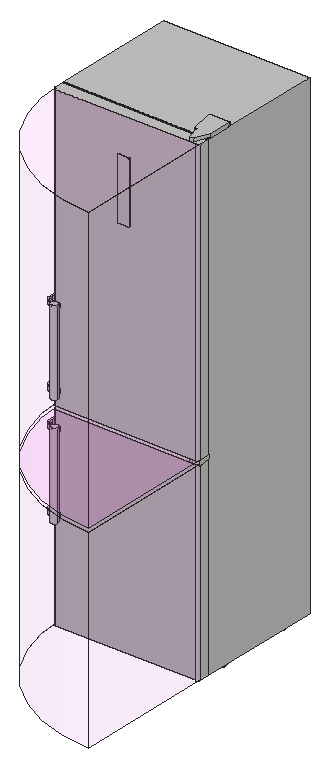
Revit family "QF_Summit_FFBF181ES2IM_Freezer_Refrigerator", category Specialty Equipment, Revit 2020
Family settings
  Round Connector Dimension = Use Diameter
  Part Type = Normal
  Work Plane-Based = No
  Always vertical = Yes
  Cut with Voids When Loaded = No
  Shared = No
  Room Calculation Point = No
Parameters
  Weight in Pounds = 185
  Watts = Volts * FL Amps  # 253 W
  Volts = 115 V
  URL Cutsheet = ""
  Specification by User = ""
  Specification by Manufacturer = ""
  Show RHD [instance] = not(Show LHD)  # no
  Show LHD [instance] = yes
  Show Clearance [instance] = yes
  Serial Number = ""
  Seismic Rating = ""
  SMACNA No = ""
  Revision Code = ""
  Refrigerant Volume = 0.00 kip
  Refrigerant Type = "R600a"
  Phase = 1
  Number of Poles = 1
  NAFEM Spec ID Number = ""
  Model = "FFBF181ES2IM"
  Min Ckt Ampacity = 0 A
  Max Overcurrent Protection = 0 A
  Masterspec = ""
  Manufacturer = "Summit"
  Length = 23 3/8"
  Item Number = ""
  Installed By = ""
  Identify Quantity as Lot = yes
  Height = 77 7/8"
  HP = ""
  Furnished By = ""
  Foodservice Equipment Identifier = yes
  FL Amps = 2.2 A
  Electrical Remarks = ""
  Electric Connection Type = ""
  Elec Conn RI Height = 0"
  Elec Conn Connection Height = 0"
  Description = "Freezer Refrigerator"
  Depth = 23 3/4"
  Default Elevation = 0"
  Cycle = 60 Hz
  Conn Plug = ""
  Conn Conduit = yes
  CSI MasterFormat = ""
  BTUH = 0.0 Btu/h
  Apparent Power = 0 VA
Reference planes (in)
  plane 1 "BACK": y = 0
  plane 2: z = 0
  plane 3 "LEFT": x = 0
  plane 4 "RIGHT": x = 23.375
  plane 5 "FRONT": y = -23.75
  plane 6 "TOP": z = 77.875
  plane 7 "Center Y": x = 11.6875
  plane 8 "Center X": y = -11.875
Dimensions and locks (in)
  equal spacing: plane 3 "LEFT", plane 7 "Center Y", plane 4 "RIGHT"
  "Length": plane 3 "LEFT" to plane 4 "RIGHT"
  equal spacing: plane 5 "FRONT", plane 8 "Center X", plane 1 "BACK"
  "Depth": plane 5 "FRONT" to plane 1 "BACK"
  "Height": plane 6 "TOP" to level
  aligned and locked: level to plane 2
Nested families (in)
  nested 1: "FFBF181ES2IM" at (0, -1.125, 0), Show Clearance <- "Show Clearance", Show RHD <- "Show RHD", Show LHD <- "Show LHD", type "FFBF181ES2IM"
    with Show RHD no, Show LHD yes, Show Clearance yes
Definition of nested family "FFBF181ES2IM"
  Parameters (values of type "FFBF181ES2IM")
    Weight in Pounds = 0
    URL Cutsheet = ""
    Specification by User = ""
    Specification by Manufacturer = ""
    Show RHD [instance] = yes
    Show LHD [instance] = yes
    Show Clearance [instance] = yes
    Serial Number = ""
    Seismic Rating = ""
    SMACNA No = ""
    Revision Code = ""
    NAFEM Spec ID Number = ""
    Masterspec = ""
    Length = 23 3/8"
    Item Number = ""
    Installed By = ""
    Identify Quantity as Lot = yes
    Height = 77 7/8"
    Furnished By = ""
    Foodservice Equipment Identifier = yes
    Depth = 20 1/8"
    Default Elevation = 0"
    CSI MasterFormat = ""
  Reference planes (in)
    plane 1 "BACK": y = 0
    plane 2: z = 0
    plane 3 "LEFT": x = 0
    plane 4 "RIGHT": x = 23.375
    plane 5 "FRONT": y = -20.125
    plane 6 "TOP": z = 77.875
    plane 7 "Center Y": x = 11.6875
    plane 8 "Center X": y = -10.0625
    plane 9: z = 78.375
    plane 10: y = 1.125
    plane 11: y = -22.625
    plane 12: y = -24.625
    plane 13: z = 0.72391
    plane 14: z = 32.36283
    plane 15: z = 31.73783
    plane 16: y = -44.25
  Forms (in)
    Extrusion 1, solid
      sketch origin (-4.12865, -180, 0.72391) x (-1, 0, 0) y (0, -1, 0)
        loop
          line (-4.12865, -180) -> (-4.12865, -159.875) -> (-27.50365, -159.875) -> (-27.50365, -180) -> (-4.12865, -180)
      from 0 to 77.15109
    Extrusion 2, solid
      sketch origin (-4.12865, -180, 77.875) x (-1, 0, 0) y (0, -1, 0)
        loop
          line (-4.12865, -159.625) -> (-4.12865, -158.19787)
          arc (-4.12865, -158.19787) -> (-4.26504, -157.85467) -> (-4.59981, -157.69871) r 0.5
          arc (-4.59981, -157.69871) -> (-15.81615, -157.375) -> (-27.03248, -157.69871) r 194.48356
          arc (-27.03248, -157.69871) -> (-27.36725, -157.85467) -> (-27.50365, -158.19787) r 0.5
          line (-27.50365, -158.19787) -> (-27.50365, -159.625) -> (-4.12865, -159.625)
      from 0 to -45.51217
    Extrusion 3, solid
      sketch origin (-10.42941, -180, 31.73783) x (-1, 0, 0) y (0, -1, 0)
        loop
          line (-10.42941, -159.625) -> (-10.42941, -158.19787)
          arc (-10.42941, -158.19787) -> (-10.5658, -157.85467) -> (-10.90057, -157.69871) r 0.5
          arc (-10.90057, -157.69871) -> (-22.11691, -157.375) -> (-33.33324, -157.69871) r 194.48356
          arc (-33.33324, -157.69871) -> (-33.66801, -157.85467) -> (-33.80441, -158.19787) r 0.5
          line (-33.80441, -158.19787) -> (-33.80441, -159.625) -> (-10.42941, -159.625)
      from 0 to -31.01392
    Extrusion 4, solid
      sketch origin (0, 0, 0) x (1, 0, 0) y (0, 1, 0)
        loop
          line (0.16203, -20.125) -> (0.16203, -20.375) -> (23.21297, -20.375) -> (23.21297, -20.125) -> (0.16203, -20.125)
      from 1.03875 to 31.47842
    Extrusion 5, solid
      sketch origin (-10.42941, -180, 32.36283) x (-1, 0, 0) y (0, -1, 0)
        loop
          line (-10.59144, -159.875) -> (-10.59144, -159.625) -> (-33.64238, -159.625) -> (-33.64238, -159.875) -> (-10.59144, -159.875)
      from 0.31289 to 45.09216
    Extrusion 6, solid, visible <- "Show LHD"
      sketch origin (-6.16249, -180, 30.27894) x (-1, 0, 0) y (0, -1, 0)
        loop
          line (-6.16249, -159.54187) -> (-5.91249, -159.54187) -> (-5.91249, -157.19756)
          arc (-5.91249, -157.19756) -> (-6.13216, -156.66723) -> (-6.66249, -156.44756) r 0.75
          line (-6.66249, -156.44756) -> (-8.04107, -156.44756) -> (-8.04107, -156.69756) -> (-6.83874, -156.69756)
          arc (-6.83874, -156.69756) -> (-6.36056, -156.89563) -> (-6.16249, -157.37382) r 0.67625
          line (-6.16249, -157.37382) -> (-6.16249, -159.54187)
      from 0 to -0.81452
    Extrusion 7, solid, visible <- "Show LHD"
      sketch origin (-6.16249, -180, 17.21644) x (-1, 0, 0) y (0, -1, 0)
        loop
          line (-6.16249, -159.54187) -> (-5.91249, -159.54187) -> (-5.91249, -157.19756)
          arc (-5.91249, -157.19756) -> (-6.13216, -156.66723) -> (-6.66249, -156.44756) r 0.75
          line (-6.66249, -156.44756) -> (-8.04107, -156.44756) -> (-8.04107, -156.69756) -> (-6.83874, -156.69756)
          arc (-6.83874, -156.69756) -> (-6.36056, -156.89563) -> (-6.16249, -157.37382) r 0.67625
          line (-6.16249, -157.37382) -> (-6.16249, -159.54187)
      from 0 to 0.69512
    Extrusion 8, solid, visible <- "Show LHD"
      sketch origin (-6.16249, -180, 34.94671) x (0, 1, 0) y (1, 0, 0)
        loop
          line (159.54187, 6.16249) -> (157.37382, 6.16249)
          arc (157.37382, 6.16249) -> (156.89563, 6.36056) -> (156.69756, 6.83874) r 0.67625
          line (156.69756, 6.83874) -> (156.69756, 8.04107) -> (156.44756, 8.04107) -> (156.44756, 6.66249)
          arc (156.44756, 6.66249) -> (156.66723, 6.13216) -> (157.19756, 5.91249) r 0.75
          line (157.19756, 5.91249) -> (159.54187, 5.91249) -> (159.54187, 6.16249)
      from 0 to -0.81452
    Extrusion 9, solid, visible <- "Show LHD"
      sketch origin (-6.16249, -180, 48.00921) x (0, 1, 0) y (1, 0, 0)
        loop
          line (159.54187, 6.16249) -> (157.37382, 6.16249)
          arc (157.37382, 6.16249) -> (156.89563, 6.36056) -> (156.69756, 6.83874) r 0.67625
          line (156.69756, 6.83874) -> (156.69756, 8.04107) -> (156.44756, 8.04107) -> (156.44756, 6.66249)
          arc (156.44756, 6.66249) -> (156.66723, 6.13216) -> (157.19756, 5.91249) r 0.75
          line (157.19756, 5.91249) -> (159.54187, 5.91249) -> (159.54187, 6.16249)
      from 0 to 0.69512
    Extrusion 10, solid, visible <- "Show LHD"
      sketch origin (0, 0, 0) x (1, 0, 0) y (0, 1, 0)
        loop
          circle (1.67323, -24.08872) r 0.53628
      from 48.24446 to 34.68257
    Extrusion 11, solid, visible <- "Show LHD"
      sketch origin (0, 0, 0) x (1, 0, 0) y (0, 1, 0)
        loop
          circle (1.67323, -24.08872) r 0.53628
      from 30.54934 to 16.88204
    Extrusion 12, solid
      sketch origin (0, 0, 0) x (1, 0, 0) y (0, 0, 1)
        loop
          arc (10.91713, 72.40711) -> (10.74035, 72.33389) -> (10.66713, 72.15711) r 0.25
          line (10.66713, 72.15711) -> (10.66713, 62.71961)
          arc (10.66713, 62.71961) -> (10.74035, 62.54284) -> (10.91713, 62.46961) r 0.25
          line (10.91713, 62.46961) -> (12.41713, 62.46961)
          arc (12.41713, 62.46961) -> (12.5939, 62.54284) -> (12.66713, 62.71961) r 0.25
          line (12.66713, 62.71961) -> (12.66713, 72.15711)
          arc (12.66713, 72.15711) -> (12.5939, 72.33389) -> (12.41713, 72.40711) r 0.25
          line (12.41713, 72.40711) -> (10.91713, 72.40711)
      from 22.54139 to 22.70061
    Extrusion 13, solid
      sketch origin (0, 0, 0) x (0, 1, 0) y (0, 0, 1)
        loop
          line (-20.125, 32.36283) -> (-22.11198, 32.36283) -> (-22.11198, 31.73783) -> (-20.125, 31.73783) -> (-20.125, 32.36283)
      from 21.80681 to 23.375
    Extrusion 14, solid
      sketch origin (-10.42941, -180, 31.73783) x (-1, 0, 0) y (0, -1, 0)
        loop
          line (-12.92941, -181.125) -> (-12.92941, -180) -> (-13.8691, -180.34202) -> (-30.3691, -180.34202) -> (-31.36691, -180) -> (-31.36691, -181.125) -> (-12.92941, -181.125)
      from 0 to -3
    Extrusion 15, solid, visible <- "Show LHD"
      sketch origin (-4.12865, -180, 77.875) x (-1, 0, 0) y (0, -1, 0)
        loop
          arc (-24.43797, -164.17633) -> (-24.2841, -164.1054) -> (-24.23811, -163.94233) r 0.20235
          line (-24.23811, -163.94233) -> (-24.82469, -160.23883) -> (-25.13719, -160.23883) -> (-25.81903, -158.14033)
          arc (-25.81903, -158.14033) -> (-26.13284, -157.90812) -> (-26.45457, -158.12924) r 0.33613
          line (-26.45457, -158.12924) -> (-27.2224, -160.23883) -> (-27.50365, -160.23883) -> (-27.50365, -163.84331)
          arc (-27.50365, -163.84331) -> (-27.40611, -164.07879) -> (-27.17063, -164.17633) r 0.33302
          line (-27.17063, -164.17633) -> (-24.43797, -164.17633)
      from 0 to 0.5
    Revolve 16, solid
      sketch origin (-240, -16.125, 7.79812) x (0, 0, 1) y (-1, 0, 0)
        loop
          line (-7.07421, -241.14046) -> (-7.79812, -241.14046) -> (-7.79812, -241.89046) -> (-7.29812, -241.89046) -> (-7.29812, -241.39046) -> (-7.07421, -241.39046) -> (-7.07421, -241.14046)
        axis (-7.79812, -241.14046) -> (-7.07421, -241.14046)
      angle from 0 to 360
    Revolve 17, solid
      sketch origin (-240, -16.125, 7.79812) x (0, 0, 1) y (-1, 0, 0)
        loop
          line (-7.07421, -261.98454) -> (-7.07421, -261.73454) -> (-7.29812, -261.73454) -> (-7.29812, -261.23454) -> (-7.79812, -261.23454) -> (-7.79812, -261.98454) -> (-7.07421, -261.98454)
        axis (-7.79812, -261.98454) -> (-7.07421, -261.98454)
      angle from 0 to 360
    Revolve 18, solid
      sketch origin (-240, -4, 7.79812) x (0, 0, 1) y (1, 0, 0)
        loop
          line (-7.07421, 241.14046) -> (-7.07421, 241.39046) -> (-7.29812, 241.39046) -> (-7.29812, 241.89046) -> (-7.79812, 241.89046) -> (-7.79812, 241.14046) -> (-7.07421, 241.14046)
        axis (-7.79812, 241.14046) -> (-7.07421, 241.14046)
      angle from 0 to 360
    Revolve 19, solid
      sketch origin (-240, -4, 7.79812) x (0, 0, 1) y (1, 0, 0)
        loop
          line (-7.07421, 261.98454) -> (-7.79812, 261.98454) -> (-7.79812, 261.23454) -> (-7.29812, 261.23454) -> (-7.29812, 261.73454) -> (-7.07421, 261.73454) -> (-7.07421, 261.98454)
        axis (-7.79812, 261.98454) -> (-7.07421, 261.98454)
      angle from 0 to 360
    Extrusion 20, solid, visible <- "Show LHD"
      sketch origin (-4.12865, -180, 77.875) x (-1, 0, 0) y (0, -1, 0)
        loop
          line (-27.50365, -159.625) -> (-4.134, -159.625)
          arc (-4.134, -159.625) -> (-10.79919, -142.77411) -> (-27.50365, -135.75) r 23.375
          line (-27.50365, -135.75) -> (-27.50365, -159.625)
      from 0 to -45.51217
    Extrusion 21, solid, visible <- "Show LHD"
      sketch origin (-10.42941, -180, 31.73783) x (-1, 0, 0) y (0, -1, 0)
        loop
          line (-33.80441, -159.625) -> (-10.43475, -159.625)
          arc (-10.43475, -159.625) -> (-17.09994, -142.77411) -> (-33.80441, -135.75) r 23.375
          line (-33.80441, -135.75) -> (-33.80441, -159.625)
      from 0 to -31.01392
    Extrusion 22, solid
      sketch origin (0, 0, 0) x (1, 0, 0) y (0, 0, 1)
        loop
          circle (17.27956, 2.03589) r 0.25
      from 0 to -0.03125
    Extrusion 23, solid, visible <- "Show RHD"
      sketch origin (23.375, 0, 0) x (-1, 0, 0) y (0, -1, 0)
        loop
          circle (1.67323, 24.08872) r 0.53628
      from 48.24446 to 34.68257
    Extrusion 24, solid, visible <- "Show RHD"
      sketch origin (23.375, 0, 0) x (-1, 0, 0) y (0, -1, 0)
        loop
          circle (1.67323, 24.08872) r 0.53628
      from 30.54934 to 16.88204
    Extrusion 25, solid, visible <- "Show RHD"
      sketch origin (27.50365, -180, 77.875) x (1, 0, 0) y (0, 1, 0)
        loop
          line (-27.50365, 159.625) -> (-27.50365, 135.75)
          arc (-27.50365, 135.75) -> (-10.79919, 142.77411) -> (-4.134, 159.625) r 23.375
          line (-4.134, 159.625) -> (-27.50365, 159.625)
      from 0 to -45.51217
    Extrusion 26, solid, visible <- "Show RHD"
      sketch origin (33.80441, -180, 31.73783) x (1, 0, 0) y (0, 1, 0)
        loop
          line (-33.80441, 159.625) -> (-33.80441, 135.75)
          arc (-33.80441, 135.75) -> (-17.09994, 142.77411) -> (-10.43475, 159.625) r 23.375
          line (-10.43475, 159.625) -> (-33.80441, 159.625)
      from 0 to -31.01392
    Extrusion 27, solid, visible <- "Show RHD"
      sketch origin (27.50365, -180, 77.875) x (1, 0, 0) y (0, 1, 0)
        loop
          line (-24.43797, 164.17633) -> (-27.17063, 164.17633)
          arc (-27.17063, 164.17633) -> (-27.40611, 164.07879) -> (-27.50365, 163.84331) r 0.33302
          line (-27.50365, 163.84331) -> (-27.50365, 160.23883) -> (-27.2224, 160.23883) -> (-26.45457, 158.12924)
          arc (-26.45457, 158.12924) -> (-26.13284, 157.90812) -> (-25.81903, 158.14033) r 0.33613
          line (-25.81903, 158.14033) -> (-25.13719, 160.23883) -> (-24.82469, 160.23883) -> (-24.23811, 163.94233)
          arc (-24.23811, 163.94233) -> (-24.2841, 164.1054) -> (-24.43797, 164.17633) r 0.20235
      from 0 to 0.5
    Extrusion 28, solid, visible <- "Show RHD"
      sketch origin (29.53749, -180, 30.27894) x (1, 0, 0) y (0, 1, 0)
        loop
          line (-6.16249, 159.54187) -> (-6.16249, 157.37382)
          arc (-6.16249, 157.37382) -> (-6.36056, 156.89563) -> (-6.83874, 156.69756) r 0.67625
          line (-6.83874, 156.69756) -> (-8.04107, 156.69756) -> (-8.04107, 156.44756) -> (-6.66249, 156.44756)
          arc (-6.66249, 156.44756) -> (-6.13216, 156.66723) -> (-5.91249, 157.19756) r 0.75
          line (-5.91249, 157.19756) -> (-5.91249, 159.54187) -> (-6.16249, 159.54187)
      from 0 to -0.81452
    Extrusion 29, solid, visible <- "Show RHD"
      sketch origin (29.53749, -180, 17.21644) x (1, 0, 0) y (0, 1, 0)
        loop
          line (-6.16249, 159.54187) -> (-6.16249, 157.37382)
          arc (-6.16249, 157.37382) -> (-6.36056, 156.89563) -> (-6.83874, 156.69756) r 0.67625
          line (-6.83874, 156.69756) -> (-8.04107, 156.69756) -> (-8.04107, 156.44756) -> (-6.66249, 156.44756)
          arc (-6.66249, 156.44756) -> (-6.13216, 156.66723) -> (-5.91249, 157.19756) r 0.75
          line (-5.91249, 157.19756) -> (-5.91249, 159.54187) -> (-6.16249, 159.54187)
      from 0 to 0.69512
    Extrusion 30, solid, visible <- "Show RHD"
      sketch origin (29.53749, -180, 34.94671) x (0, -1, 0) y (-1, 0, 0)
        loop
          line (-159.54187, 6.16249) -> (-159.54187, 5.91249) -> (-157.19756, 5.91249)
          arc (-157.19756, 5.91249) -> (-156.66723, 6.13216) -> (-156.44756, 6.66249) r 0.75
          line (-156.44756, 6.66249) -> (-156.44756, 8.04107) -> (-156.69756, 8.04107) -> (-156.69756, 6.83874)
          arc (-156.69756, 6.83874) -> (-156.89563, 6.36056) -> (-157.37382, 6.16249) r 0.67625
          line (-157.37382, 6.16249) -> (-159.54187, 6.16249)
      from 0 to -0.81452
    Extrusion 31, solid, visible <- "Show RHD"
      sketch origin (29.53749, -180, 48.00921) x (0, -1, 0) y (-1, 0, 0)
        loop
          line (-159.54187, 6.16249) -> (-159.54187, 5.91249) -> (-157.19756, 5.91249)
          arc (-157.19756, 5.91249) -> (-156.66723, 6.13216) -> (-156.44756, 6.66249) r 0.75
          line (-156.44756, 6.66249) -> (-156.44756, 8.04107) -> (-156.69756, 8.04107) -> (-156.69756, 6.83874)
          arc (-156.69756, 6.83874) -> (-156.89563, 6.36056) -> (-157.37382, 6.16249) r 0.67625
          line (-157.37382, 6.16249) -> (-159.54187, 6.16249)
      from 0 to 0.69512
  Cuts and joins
    joined: Extrusion 2, Extrusion 12
  Lines and regions (in)
    Split face 1
      outline origin (10.60463, -22.70061, 72.40711) x (-1, 0, 0) y (0, 0, -1)
        loop
          line (-0.3125, 0.25) -> (-0.3125, 5.25) -> (-1.8125, 5.25) -> (-1.8125, 0.25) -> (-0.3125, 0.25)
    symbolic lines, visible <- "Show LHD"
      curve 1: arc (0.00535, -20.375, 0) -> (0.68024, -26.47308, 0) -> (2.91862, -32.18549, 0) r 23.375
      curve 2: line (23.375, -20.375, 0) -> (2.91862, -32.18549, 0)
      curve 12: line (0, -20.45813, 0) -> (-0.25, -20.45813, 0)
      curve 13: line (0, -22.62618, 0) -> (0, -20.45813, 0)
      curve 14: arc (0, -22.62618, 0) -> (0.19807, -23.10437, 0) -> (0.67625, -23.30244, 0) r 0.67625
      curve 15: arc (0.5, -23.55244, 0) -> (-0.03033, -23.33277, 0) -> (-0.25, -22.80244, 0) r 0.75
      curve 16: line (-0.25, -20.45813, 0) -> (-0.25, -22.80244, 0)
      curve 17: line (1.87859, -23.30244, 0) -> (0.67625, -23.30244, 0)
      curve 18: line (0.5, -23.55244, 0) -> (1.87859, -23.55244, 0)
      curve 19: line (1.87859, -23.55244, 0) -> (1.87859, -23.30244, 0)
      curve 20: arc (2.20952, -24.08872, 0) -> (1.67323, -23.55244, 0) -> (1.13695, -24.08872, 0) r 0.53628
      curve 21: arc (1.13695, -24.08872, 0) -> (1.67323, -24.625, 0) -> (2.20952, -24.08872, 0) r 0.53628
      curve 24: line (23.375, -20.375, 0) -> (22.87033, -20.375, 0)
      curve 27: line (23.21297, -20.375, 0) -> (23.21297, -20.125, 0)
      curve 28: line (0, -20.125, 0) -> (21.12675, -20.125, 0)
      curve 29: line (0.16203, -20.125, 0) -> (0.16203, -20.375, 0)
      curve 30: line (22.96133, -20.125, 0) -> (23.375, -20.125, 0)
      curve 31: arc (23.375, -16.15669, 0) -> (23.27746, -15.92121, 0) -> (23.04198, -15.82367, 0) r 0.33302
      curve 32: line (23.04198, -15.82367, 0) -> (20.30932, -15.82367, 0)
      curve 33: arc (20.30932, -15.82367, 0) -> (20.15545, -15.8946, 0) -> (20.10946, -16.05767, 0) r 0.20235
      curve 34: line (20.10946, -16.05767, 0) -> (20.69604, -19.76117, 0)
      curve 35: line (20.69604, -19.76117, 0) -> (21.00854, -19.76117, 0)
      curve 36: line (23.09375, -19.76117, 0) -> (23.375, -19.76117, 0)
      curve 37: line (22.32592, -21.87076, 0) -> (23.09375, -19.76117, 0)
      curve 38: arc (21.69038, -21.85967, 0) -> (22.00419, -22.09188, 0) -> (22.32592, -21.87076, 0) r 0.33613
      curve 39: line (21.00854, -19.76117, 0) -> (21.69038, -21.85967, 0)
      curve 40: line (21.20798, -20.375, 0) -> (0.00535, -20.375, 0)
    symbolic lines
      curve 3: line (20.9375, 1.125, 0) -> (2.5, 1.125, 0)
      curve 4: line (2.5, 1.125, 0) -> (2.5, 0, 0)
      curve 5: line (2.5, 0, 0) -> (3.43969, 0.34202, 0)
      curve 6: line (3.43969, 0.34202, 0) -> (19.93969, 0.34202, 0)
      curve 7: line (19.93969, 0.34202, 0) -> (20.9375, 0, 0)
      curve 8: line (20.9375, 0, 0) -> (20.9375, 1.125, 0)
      curve 9: line (23.375, 0, 0) -> (0, 0, 0)
      curve 10: line (0, 0, 0) -> (0, -20.125, 0)
      curve 11: line (23.375, -20.125, 0) -> (23.375, 0, 0)
      curve 22: arc (0, -21.80213, 0) -> (0.13639, -22.14533, 0) -> (0.47116, -22.30129, 0) r 0.5
      curve 23: arc (0.47116, -22.30129, 0) -> (11.6875, -22.625, 0) -> (22.90384, -22.30129, 0) r 194.48356
      curve 25: arc (22.90384, -22.30129, 0) -> (23.23861, -22.14533, 0) -> (23.375, -21.80213, 0) r 0.5
      curve 26: line (23.375, -21.80213, 0) -> (23.375, -20.375, 0)
      curve 68: line (0, -20.375, 0) -> (0, -21.8256, 0)
    symbolic lines, visible <- "Show RHD"
      curve 41: line (23.375, -20.45813, 0) -> (23.625, -20.45813, 0)
      curve 42: line (23.375, -22.62618, 0) -> (23.375, -20.45813, 0)
      curve 43: arc (23.375, -22.62618, 0) -> (23.17693, -23.10437, 0) -> (22.69875, -23.30244, 0) r 0.67625
      curve 44: arc (22.875, -23.55244, 0) -> (23.40533, -23.33277, 0) -> (23.625, -22.80244, 0) r 0.75
      curve 45: line (23.625, -20.45813, 0) -> (23.625, -22.80244, 0)
      curve 46: line (21.49641, -23.30244, 0) -> (22.69875, -23.30244, 0)
      curve 47: line (22.875, -23.55244, 0) -> (21.49641, -23.55244, 0)
      curve 48: line (21.49641, -23.55244, 0) -> (21.49641, -23.30244, 0)
      curve 49: arc (0, -16.15669, 0) -> (0.09754, -15.92121, 0) -> (0.33302, -15.82367, 0) r 0.33302
      curve 50: line (0.33302, -15.82367, 0) -> (3.06568, -15.82367, 0)
      curve 51: arc (3.06568, -15.82367, 0) -> (3.21955, -15.8946, 0) -> (3.26554, -16.05767, 0) r 0.20235
      curve 52: line (3.26554, -16.05767, 0) -> (2.67896, -19.76117, 0)
      curve 53: line (2.67896, -19.76117, 0) -> (2.36646, -19.76117, 0)
      curve 54: line (0.28125, -19.76117, 0) -> (0, -19.76117, 0)
      curve 55: line (1.04908, -21.87076, 0) -> (0.28125, -19.76117, 0)
      curve 56: arc (1.68462, -21.85967, 0) -> (1.37081, -22.09188, 0) -> (1.04908, -21.87076, 0) r 0.33613
      curve 57: line (2.36646, -19.76117, 0) -> (1.68462, -21.85967, 0)
      curve 58: line (0.00535, -20.375, 0) -> (0.50467, -20.375, 0)
      curve 59: line (0.16203, -20.375, 0) -> (0.16203, -20.125, 0)
      curve 60: line (23.375, -20.125, 0) -> (2.24825, -20.125, 0)
      curve 61: line (23.21297, -20.125, 0) -> (23.21297, -20.375, 0)
      curve 62: line (0.41367, -20.125, 0) -> (0, -20.125, 0)
      curve 63: line (2.16702, -20.375, 0) -> (23.375, -20.375, 0)
      curve 64: arc (21.16548, -24.08872, 0) -> (21.70177, -23.55244, 0) -> (22.23805, -24.08872, 0) r 0.53628
      curve 65: arc (22.23805, -24.08872, 0) -> (21.70177, -24.625, 0) -> (21.16548, -24.08872, 0) r 0.53628
      curve 66: arc (23.36965, -20.375, 0) -> (22.69476, -26.47308, 0) -> (20.45638, -32.18549, 0) r 23.375
      curve 67: line (0, -20.375, 0) -> (20.45638, -32.18549, 0)
  Dimensions and locks (in)
    equal spacing: plane 3 "LEFT", plane 7 "Center Y", plane 4 "RIGHT"
    "Length": plane 3 "LEFT" to plane 4 "RIGHT"
    equal spacing: plane 5 "FRONT", plane 8 "Center X", plane 1 "BACK"
    "Depth": plane 5 "FRONT" to plane 1 "BACK"
    "Height": plane 6 "TOP" to level
    plane 10 to plane 11 = 23 3/4"
    plane 10 to plane 1 "BACK" = 1 1/8"
    plane 6 "TOP" to plane 14 = 45.51217"
    plane 15 to plane 13 = 31.01392"
    plane 10 to plane 16 = 45 3/8"
    aligned and locked: level to plane 2
  Automatic sketch dimensions
    plane 1 "BACK" to Extrusion 1 sketch curve = 0"
    Extrusion 1 sketch curve to plane 4 "RIGHT" = 0"
    Extrusion 1 sketch curve to plane 3 "LEFT" = 0"
    plane 5 "FRONT" to Extrusion 1 sketch curve = 0"
    Extrusion 2 sketch curve to Extrusion 1 = 0"  (x2)
    Extrusion 2 sketch curve to Extrusion 2 sketch curve = 1/2"  (x2)
    Extrusion 2 sketch curve to Extrusion 1 = 11 11/16"
    Extrusion 1 to Extrusion 2 sketch curve = 171.85856"
    Extrusion 1 to Extrusion 2 sketch curve = 1/4"
    Extrusion 2 sketch curve to Extrusion 2 sketch curve = 1.42713"  (x2)
    Extrusion 2 sketch curve to Extrusion 2 sketch curve = 0"
    Extrusion 3 sketch curve to plane 4 "RIGHT" = 0"
    Extrusion 3 sketch curve to plane 7 "Center Y" = 0"
    Extrusion 3 sketch curve to plane 3 "LEFT" = 0"
    Extrusion 3 sketch curve to Extrusion 3 sketch curve = 1/2"  (x2)
    plane 10 to Extrusion 3 sketch curve = 170.73356"
    plane 5 "FRONT" to Extrusion 3 sketch curve = 1/4"
    plane 11 to Extrusion 3 sketch curve = 0.82287"  (x2)
    Extrusion 3 sketch curve to Extrusion 3 sketch curve = 0"
    plane 5 "FRONT" to Extrusion 4 sketch curve = 0"
    plane 3 "LEFT" to Extrusion 4 sketch curve = 0.16203"
    plane 4 "RIGHT" to Extrusion 4 sketch curve = 0.16203"
    plane 5 "FRONT" to Extrusion 4 sketch curve = 1/4"
    plane 5 "FRONT" to Extrusion 5 sketch curve = 0"
    plane 4 "RIGHT" to Extrusion 5 sketch curve = 0.16203"
    plane 3 "LEFT" to Extrusion 5 sketch curve = 0.16203"
    plane 5 "FRONT" to Extrusion 5 sketch curve = 1/4"
    Extrusion 6 sketch curve to plane 3 "LEFT" = 0"
    Extrusion 6 sketch curve to plane 11 = 0.17744"
    plane 3 "LEFT" to Extrusion 6 sketch curve = 1/2"
    Extrusion 6 sketch curve to Extrusion 6 sketch curve = 0.17625"
    Extrusion 6 sketch curve to Extrusion 6 sketch curve = 1.20233"
    Extrusion 6 sketch curve to plane 3 "LEFT" = 1/4"
    Extrusion 6 sketch curve to plane 11 = 0.00118"
    plane 5 "FRONT" to Extrusion 6 sketch curve = 0.33313"
    Extrusion 7 sketch curve to plane 3 "LEFT" = 0"
    Extrusion 7 sketch curve to plane 11 = 0.17744"
    plane 3 "LEFT" to Extrusion 7 sketch curve = 1/2"
    Extrusion 7 sketch curve to Extrusion 7 sketch curve = 0.17625"
    Extrusion 7 sketch curve to Extrusion 7 sketch curve = 1.20233"
    Extrusion 7 sketch curve to plane 3 "LEFT" = 1/4"
    Extrusion 7 sketch curve to plane 11 = 0.00118"
    plane 5 "FRONT" to Extrusion 7 sketch curve = 0.33313"
    Extrusion 8 sketch curve to plane 3 "LEFT" = 0"
    Extrusion 8 sketch curve to plane 11 = 0.92744"
    Extrusion 8 sketch curve to Extrusion 8 sketch curve = 1/4"
    Extrusion 8 sketch curve to plane 11 = 0.17744"
    Extrusion 8 sketch curve to plane 11 = 0.00118"
    plane 5 "FRONT" to Extrusion 8 sketch curve = 0.33313"
    Extrusion 8 sketch curve to Extrusion 8 sketch curve = 1.20233"
    Extrusion 8 sketch curve to Extrusion 8 sketch curve = 0.17625"
    Extrusion 9 sketch curve to plane 3 "LEFT" = 0"
    Extrusion 9 sketch curve to plane 11 = 0.92744"
    Extrusion 9 sketch curve to Extrusion 9 sketch curve = 1/4"
    Extrusion 9 sketch curve to plane 11 = 0.17744"
    Extrusion 9 sketch curve to plane 11 = 0.00118"
    plane 5 "FRONT" to Extrusion 9 sketch curve = 0.33313"
    Extrusion 9 sketch curve to Extrusion 9 sketch curve = 1.20233"
    Extrusion 9 sketch curve to Extrusion 9 sketch curve = 0.17625"
    plane 12 to Extrusion 10 sketch curve = 0.53628"
    plane 3 "LEFT" to Extrusion 10 sketch curve = 1.67323"
    plane 12 to Extrusion 11 sketch curve = 0.53628"
    plane 3 "LEFT" to Extrusion 11 sketch curve = 1.67323"
    Extrusion 12 sketch curve to plane 7 "Center Y" = 1.02037"
    Extrusion 12 sketch curve to Extrusion 12 sketch curve = 1/4"  (x3)
    plane 7 "Center Y" to Extrusion 12 sketch curve = 0.72963"  (x2)
    Extrusion 12 sketch curve to plane 6 "TOP" = 15.40539"
    Extrusion 12 sketch curve to plane 6 "TOP" = 5.71789"
    Split face 1 sketch curve to cut or joined group of Extrusion 2, Extrusion 12 = 1/4"  (x3)
    Split face 1 sketch curve to cut or joined group of Extrusion 2, Extrusion 12 = 4 11/16"
    Extrusion 13 sketch curve to plane 14 = 0"
    Extrusion 13 sketch curve to plane 15 = 0"
    Extrusion 13 sketch curve to plane 5 "FRONT" = 0"
    plane 11 to Extrusion 13 sketch curve = 0.51302"
    Extrusion 14 sketch curve to plane 10 = 0"
    plane 1 "BACK" to Extrusion 14 sketch curve = 0"  (x2)
    plane 4 "RIGHT" to Extrusion 14 sketch curve = 2 7/16"
    Extrusion 14 sketch curve to plane 1 "BACK" = 0.34202"
    Extrusion 14 sketch curve to Extrusion 14 sketch curve = 0.99781"
    plane 3 "LEFT" to Extrusion 14 sketch curve = 3.43969"
    Extrusion 14 sketch curve to Extrusion 14 sketch curve = 0.93969"
    Extrusion 15 sketch curve to Extrusion 1 = 0"
    Extrusion 15 sketch curve to Extrusion 15 sketch curve = 9/32"
    Extrusion 15 sketch curve to Extrusion 1 = 0.33302"
    Extrusion 15 sketch curve to Extrusion 1 = 1.04908"
    Extrusion 15 sketch curve to Extrusion 15 sketch curve = 0.31586"
    Extrusion 15 sketch curve to Extrusion 15 sketch curve = 0.31968"
    Extrusion 15 sketch curve to Extrusion 1 = 0.36383"  (x2)
    Extrusion 15 sketch curve to Extrusion 15 sketch curve = 2.08521"
    Extrusion 15 sketch curve to Extrusion 15 sketch curve = 5/16"
    Extrusion 15 sketch curve to Extrusion 15 sketch curve = 2.73266"
    Extrusion 15 sketch curve to Extrusion 15 sketch curve = 0.19986"
    Extrusion 15 sketch curve to Extrusion 1 = 3.96831"
    Extrusion 15 sketch curve to Extrusion 15 sketch curve = 0.234"
    Extrusion 1 to Extrusion 15 sketch curve = 1.6308"
    Extrusion 15 sketch curve to Extrusion 15 sketch curve = 0.10387"
    Revolve 16 sketch curve to level = 0"  (x2)
    Revolve 16 sketch curve to plane 13 = 0"
    Revolve 16 sketch curve to Revolve 16 sketch curve = 0.22391"
    plane 3 "LEFT" to Revolve 16 sketch curve = 1.89046"
    Revolve 16 sketch curve to Revolve 16 sketch curve = 1/2"
    Revolve 16 sketch curve to Revolve 16 sketch curve = 1/4"
    Revolve 16 sketch curve to Revolve 16 sketch curve = 0.13805"
    Revolve 16 sketch curve to Revolve 16 sketch curve = 0"
    Revolve 17 sketch curve to level = 0"  (x2)
    Revolve 17 sketch curve to plane 13 = 0"
    Revolve 17 sketch curve to plane 13 = 0.22391"
    plane 4 "RIGHT" to Revolve 17 sketch curve = 1.39046"
    Revolve 17 sketch curve to Revolve 17 sketch curve = 1/4"
    Revolve 17 sketch curve to Revolve 17 sketch curve = 1/2"
    Revolve 17 sketch curve to Revolve 17 sketch curve = 0.13805"
    Revolve 17 sketch curve to Revolve 17 sketch curve = 0"
    Revolve 18 sketch curve to level = 0"  (x2)
    Revolve 18 sketch curve to plane 13 = 0"
    Revolve 18 sketch curve to Revolve 18 sketch curve = 0.22391"
    plane 3 "LEFT" to Revolve 18 sketch curve = 1.14046"
    Revolve 18 sketch curve to Revolve 18 sketch curve = 1/4"
    Revolve 18 sketch curve to Revolve 18 sketch curve = 1/2"
    Revolve 18 sketch curve to Revolve 18 sketch curve = 0.13805"
    Revolve 18 sketch curve to Revolve 18 sketch curve = 0"
    Revolve 19 sketch curve to level = 0"  (x2)
    Revolve 19 sketch curve to plane 13 = 0"
    Revolve 19 sketch curve to plane 13 = 0.22391"
    plane 4 "RIGHT" to Revolve 19 sketch curve = 2.14046"
    Revolve 19 sketch curve to Revolve 19 sketch curve = 1/2"
    Revolve 19 sketch curve to Revolve 19 sketch curve = 1/4"
    Revolve 19 sketch curve to Revolve 19 sketch curve = 0.13805"
    Revolve 19 sketch curve to Revolve 19 sketch curve = 0"
    Extrusion 20 sketch curve to Extrusion 2 = 0"  (x2)
    Extrusion 20 sketch curve to Extrusion 2 = 0.00535"
    Extrusion 20 sketch curve to Extrusion 20 sketch curve = 1/2"
    Extrusion 21 sketch curve to plane 4 "RIGHT" = 0"
    Extrusion 21 sketch curve to plane 16 = 0"
    plane 3 "LEFT" to Extrusion 21 sketch curve = 0.00535"
    plane 1 "BACK" to Extrusion 21 sketch curve = 20 7/8"
    plane 13 to Extrusion 22 sketch curve = 1.31198"
    plane 7 "Center Y" to Extrusion 22 sketch curve = 5.59206"
    Extrusion 23 sketch curve to plane 12 = 0.53628"
    Extrusion 23 sketch curve to plane 4 "RIGHT" = 1.67323"
    Extrusion 24 sketch curve to plane 12 = 0.53628"
    Extrusion 24 sketch curve to plane 4 "RIGHT" = 1.67323"
    Extrusion 25 sketch curve to Extrusion 2 = 0"  (x2)
    Extrusion 25 sketch curve to Extrusion 2 = 0.00535"
    Extrusion 25 sketch curve to Extrusion 25 sketch curve = 1/2"
    Extrusion 26 sketch curve to plane 3 "LEFT" = 0"
    Extrusion 26 sketch curve to plane 16 = 0"
    plane 4 "RIGHT" to Extrusion 26 sketch curve = 0.00535"
    plane 1 "BACK" to Extrusion 26 sketch curve = 20 7/8"
    Extrusion 27 sketch curve to Extrusion 1 = 0"
    Extrusion 27 sketch curve to Extrusion 1 = 9/32"
    Extrusion 27 sketch curve to Extrusion 1 = 0.33302"
    Extrusion 27 sketch curve to Extrusion 1 = 1.04908"
    Extrusion 27 sketch curve to Extrusion 27 sketch curve = 0.31586"
    Extrusion 27 sketch curve to Extrusion 27 sketch curve = 0.31968"
    Extrusion 27 sketch curve to Extrusion 1 = 0.36383"  (x2)
    Extrusion 27 sketch curve to Extrusion 27 sketch curve = 2.08521"
    Extrusion 27 sketch curve to Extrusion 27 sketch curve = 5/16"
    Extrusion 27 sketch curve to Extrusion 27 sketch curve = 2.73266"
    Extrusion 27 sketch curve to Extrusion 27 sketch curve = 0.19986"
    Extrusion 1 to Extrusion 27 sketch curve = 1.6308"
    Extrusion 27 sketch curve to Extrusion 27 sketch curve = 0.10387"
    Extrusion 27 sketch curve to Extrusion 27 sketch curve = 3.60448"
    Extrusion 27 sketch curve to Extrusion 27 sketch curve = 0.234"
    Extrusion 28 sketch curve to plane 4 "RIGHT" = 0"
    Extrusion 28 sketch curve to plane 11 = 0.17744"
    plane 4 "RIGHT" to Extrusion 28 sketch curve = 1/2"
    Extrusion 28 sketch curve to Extrusion 28 sketch curve = 0.17625"
    Extrusion 28 sketch curve to Extrusion 28 sketch curve = 1.20233"
    Extrusion 28 sketch curve to plane 4 "RIGHT" = 1/4"
    Extrusion 28 sketch curve to Extrusion 28 sketch curve = 1/4"
    plane 5 "FRONT" to Extrusion 28 sketch curve = 0.33313"
    Extrusion 29 sketch curve to plane 4 "RIGHT" = 0"
    Extrusion 29 sketch curve to plane 11 = 0.17744"
    plane 4 "RIGHT" to Extrusion 29 sketch curve = 1/2"
    Extrusion 29 sketch curve to Extrusion 29 sketch curve = 0.17625"
    Extrusion 29 sketch curve to Extrusion 29 sketch curve = 1.20233"
    Extrusion 29 sketch curve to plane 4 "RIGHT" = 1/4"
    Extrusion 29 sketch curve to Extrusion 29 sketch curve = 1/4"
    plane 5 "FRONT" to Extrusion 29 sketch curve = 0.33313"
    Extrusion 30 sketch curve to plane 4 "RIGHT" = 0"
    plane 5 "FRONT" to Extrusion 30 sketch curve = 0.33313"
    Extrusion 30 sketch curve to plane 11 = 0.00118"
    Extrusion 30 sketch curve to plane 11 = 0.17744"
    Extrusion 30 sketch curve to plane 11 = 0.67744"
    Extrusion 30 sketch curve to Extrusion 30 sketch curve = 1/4"
    Extrusion 30 sketch curve to Extrusion 30 sketch curve = 1.20233"
    Extrusion 30 sketch curve to Extrusion 30 sketch curve = 0.17625"
    Extrusion 31 sketch curve to plane 4 "RIGHT" = 0"
    plane 5 "FRONT" to Extrusion 31 sketch curve = 0.33313"
    Extrusion 31 sketch curve to plane 11 = 0.00118"
    Extrusion 31 sketch curve to plane 11 = 0.17744"
    Extrusion 31 sketch curve to plane 11 = 0.67744"
    Extrusion 31 sketch curve to Extrusion 31 sketch curve = 1/4"
    Extrusion 31 sketch curve to Extrusion 31 sketch curve = 1.20233"
    Extrusion 31 sketch curve to Extrusion 31 sketch curve = 0.17625"
    curve 54 to plane 3 "LEFT" = 0"
    curve 22 to plane 3 "LEFT" = 0"
    curve 68 to plane 3 "LEFT" = 0"
    curve 66 to plane 3 "LEFT" = 0"
    plane 5 "FRONT" to curve 59 = 0"
    plane 5 "FRONT" to curve 60 = 0"
    curve 4 to plane 10 = 0"
    plane 1 "BACK" to curve 4 = 0"
    curve 23 to plane 7 "Center Y" = 0"
    curve 24 to plane 4 "RIGHT" = 0"
    curve 60 to plane 4 "RIGHT" = 0"
    curve 43 to plane 4 "RIGHT" = 0"
    curve 1 to plane 4 "RIGHT" = 0"
    curve 12 to plane 3 "LEFT" = 1/4"
    plane 3 "LEFT" to curve 58 = 0.00535"
    plane 3 "LEFT" to curve 54 = 9/32"
    plane 3 "LEFT" to curve 49 = 0.33302"
    plane 3 "LEFT" to curve 18 = 1/2"
    curve 22 to curve 22 = 1/2"
    curve 14 to plane 11 = 0.00118"
    curve 15 to curve 14 = 0.17625"
    curve 22 to curve 55 = 0.54908"
    curve 55 to curve 56 = 0.31586"
    plane 12 to curve 21 = 0.53628"
    curve 14 to curve 21 = 0.99698"
    plane 11 to curve 57 = 0.76533"
    curve 56 to curve 57 = 0.31968"
    curve 20 to curve 18 = 0.20535"
    curve 57 to plane 5 "FRONT" = 0.36383"
    curve 54 to curve 57 = 2.08521"
    plane 3 "LEFT" to curve 4 = 2 1/2"
    curve 53 to curve 52 = 5/16"
    plane 3 "LEFT" to curve 2 = 2.91862"
    curve 49 to curve 51 = 2.73266"
    curve 51 to curve 52 = 0.19986"
    curve 6 to plane 1 "BACK" = 0.34202"
    curve 4 to curve 6 = 0.93969"
    plane 4 "RIGHT" to curve 7 = 3.43531"
    plane 4 "RIGHT" to curve 34 = 3.26554"
    curve 33 to curve 33 = 0.19986"
    plane 4 "RIGHT" to curve 67 = 2.91862"
    curve 35 to plane 5 "FRONT" = 0.36383"
    plane 4 "RIGHT" to curve 35 = 2.67896"
    curve 6 to curve 8 = 0.99781"
    curve 34 to curve 39 = 5/16"
    curve 47 to plane 11 = 0.92744"
    plane 4 "RIGHT" to curve 47 = 1.87859"
    plane 11 to curve 39 = 0.76533"
    curve 46 to curve 39 = 0.19397"
    curve 47 to curve 64 = 0.20535"
    curve 38 to curve 38 = 0.31968"
    plane 11 to curve 37 = 0.75424"
    curve 38 to curve 37 = 0.31586"
    plane 4 "RIGHT" to curve 46 = 0.67625"
    curve 46 to curve 47 = 0.17625"
    curve 25 to curve 25 = 1/2"
    plane 4 "RIGHT" to curve 32 = 0.33302"
    plane 4 "RIGHT" to curve 37 = 9/32"
    curve 41 to plane 4 "RIGHT" = 1/4"
    plane 12 to curve 64 = 0.53628"
    curve 2 to plane 12 = 7.56049"
    curve 67 to plane 12 = 7.56049"
    curve 19 to curve 17 = 1/4"
    curve 47 to curve 46 = 1/4"
    curve 55 to curve 56 = 0.01109"
    plane 11 to curve 26 = 0.82287"
    curve 56 to curve 22 = 0.06863"
    plane 5 "FRONT" to curve 66 = 3/4"
    curve 1 to curve 11 = 3/4"
    curve 12 to curve 40 = 0.08313"
    plane 5 "FRONT" to curve 41 = 0.33313"
    curve 41 to curve 63 = 0.08313"
    curve 36 to plane 5 "FRONT" = 0.36383"
    curve 55 to plane 5 "FRONT" = 0.36383"
    curve 54 to curve 49 = 3.60448"
    curve 36 to curve 31 = 3.60448"
    curve 34 to curve 32 = 0.234"
    curve 52 to curve 50 = 0.234"
    plane 10 to curve 23 = 170.73356"
    curve 10 to curve 59 = 0.16203"
    curve 29 to curve 59 = 0"
    curve 23 to curve 22 = 0"
    curve 21 to curve 20 = 0.53628"
    curve 64 to curve 64 = 0.53628"
    curve 61 to curve 66 = 0.15668"
    curve 27 to curve 61 = 0"
    curve 68 to curve 22 = 0.02347"
    curve 67 to curve 40 = 0"
    radius of Extrusion 10 sketch curve = 0.53628"
    radius of Extrusion 11 sketch curve = 0.53628"
    radius of Extrusion 22 sketch curve = 1/4"
    radius of Extrusion 23 sketch curve = 0.53628"
    radius of Extrusion 24 sketch curve = 0.53628"
